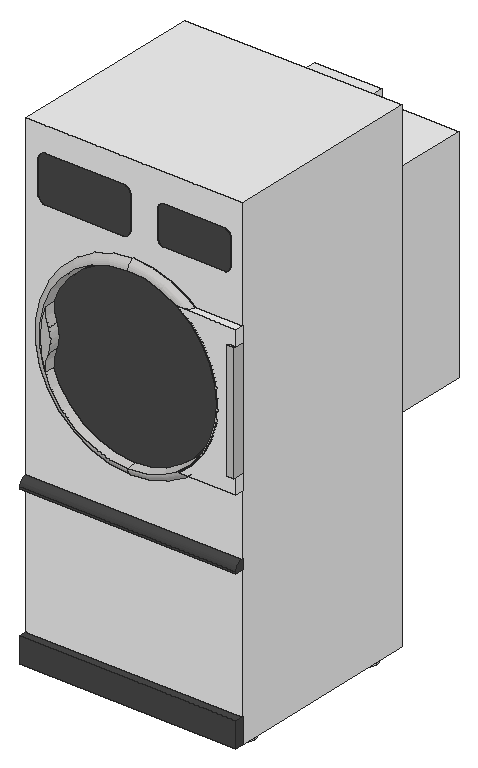
Revit family
Parameters (values of type "!!This family is not loaded correctly, check that you are not in the family editor and that the type catalog is available")
  Voltage Class = "-"
  Voltage = 120 V
  URL = "http://www.unimac.com/Products/prod_details.asp?Model=UT050N&ProdCat0=30&ProdCat1=0"
  Side Clearance = 0.000"
  Serial Plate Rating = "120V/60Hz/1ph"
  Right Hand Opening [instance] = yes
  Reversing = ""
  Required Make Up Air = 0.00 in²
  Rear Exhaust Diameter = 6"
  Rear Clearance = 21.699"
  RH Clearance [instance] = and(Visibility Clearance Space, Right Hand Opening)  # no
  Product Family = "UT"
  Overall Width = Total Width  # 28.000"
  Overall Height = Total Height  # 63.875"
  Overall Depth = Total Depth  # 40.875"
  OmniClass Title = "Commercial Laundry Equipment"
  OmniClass Number = "23.45.70.11.14"
  Number of Poles = 1
  Maximum Static Back Pressure = 0.00 in-wg
  Maximum Airflow = 750 CFM
  MasterFormat Section Title = "Centrifugal Material Dryers"
  MasterFormat Section Number = "42 32 13"
  Left Hand Opening [instance] = not(Right Hand Opening)  # no
  LH Clearance [instance] = and(Visibility Clearance Space, Left Hand Opening)  # no
  Heater = "N"
  Half F = F / 2  # 12.500"
  Gas Flow [instance] = 0 GPM
  Gas Connection = 1/2"
  Gas Burner Rating = 120000.0 Btu/h
  Finish = "White Baked Enamel"
  Fan Motor Power = 0 VA
  Dynamic Load Frequency = 0 Hz
  Dynamic Load = 0.00 kip
  Drive Motor Power = 0 VA
  Detail Material = Plastic - Black - Alliance Laundry
  Model = "!! Family not loaded correctly"
  D = 25.750"
  Cylinder Material = Metal - Steel - Stainless - Alliance Laundry
  Material = Metal - Steel - White Enamel - Alliance Laundry
  Manufacturer = "Alliance Laundry"
  Gas Connection Radius = Gas Connection / 2  # 1/4"
  G = 29.500"
  Frequency = 60 Hz
  Foot Radius = 2.000"
  Feet Positioning = 3.000"
  F = if(Cylinder Diameter < 45.000", Cylinder Diameter - 1.500", 41.500")  # 25.000"
  Exhaust Radius = Rear Exhaust Diameter / 2  # 3.000"
  Total Width = 28.000"
  Cylinder Radius = Cylinder Diameter / 2  # 13.250"
  Cylinder Diameter = 26.500"
  Description = "Commercial Tumble Dryers"
  Total Height = 63.875"
  Cylinder Depth = 24.000"
  Cylinder = "G"
  Control = "-"
  Visibility Clearance Space [instance] = no
  Circuit Breaker Size = 0 A
  Cylinder Capacity = "25"
  B Exhaust = 4.625"
  Total Depth = 40.875"
  B Gas = 4.625"
  B Electric = 63.500"
  Door Swing = 26.250"
  Assembly Code = "E1010610"
  Apparent Load = 0 VA
  Actual Amp Draw = 0 A
  A Gas = 3.875"
  A Exhaust = 3.875"
  A Electric = 9.500"
  Floor to Door = 27.500"
Reference planes (in)
  plane 1 "Center (Front/Back)": y = 6.5
  plane 2: z = 0
  plane 3 "Center (Left/Right)": x = 8.3125
  plane 4: z = 63.875
  plane 5: y = -13.9375
  plane 6 "Back": y = 26.9375
  plane 7: x = -5.6875
  plane 8: x = 22.3125
  plane 9: z = 27.5
  plane 10: x = -3.9375
  plane 11: z = 52.5
  plane 12: z = 40
  plane 13: z = 63.5
  plane 14: x = 12.8125
  plane 15: z = 70.35122
  plane 16 "Rear Clearance": y = 48.6365
  plane 17 "D": y = 11.8125
Forms (in)
  Extrusion 1, solid, material "Metal - Steel - White Enamel - Alliance Laundry" <- "Material", detail levels medium+fine
    sketch origin (0, 6.5, 0) x (1, 0, 0) y (0, 0, 1)
      loop
        line (-5.6875, 63.875) -> (-5.6875, 1) -> (22.3125, 1) -> (22.3125, 63.875) -> (-5.6875, 63.875)
    from -5.3125 to 20.4375
  Extrusion 2, solid, material "Metal - Steel - White Enamel - Alliance Laundry" <- "Material", detail levels fine
    sketch origin (0, 0, 0) x (1, 0, 0) y (0, 1, 0)
      loop
        circle (-2.875, 8.8125) r 2
      loop
        circle (19.5, 8.8125) r 2
      loop
        circle (19.5, -10.9375) r 2
      loop
        circle (-2.875, -10.9375) r 2
    from 0 to 1
  Extrusion 3, solid, material "Metal - Steel - White Enamel - Alliance Laundry" <- "Material", detail levels medium+fine
    sketch origin (0, 26.9375, -24) x (0, 0, -1) y (1, 0, 0)
      loop
        line (-76.508, 17.6225) -> (-76.508, -0.9975) -> (-55.424, -0.9975) -> (-47.983, 2.9295) -> (-47.983, 17.6225) -> (-76.508, 17.6225)
    from 0 to 15.125
  Revolve 4, solid, material "Metal - Steel - Stainless - Alliance Laundry" <- "Cylinder Material", detail levels medium+fine
    sketch origin (8.3125, 0, 0) x (0, 1, 0) y (0, 0, 1)
      loop
        line (-13.4375, 51.11177) -> (-13.4375, 40) -> (-12.6875, 40) -> (-12.6875, 52.5) -> (-13.9375, 52.5)
        arc (-13.9375, 52.5) -> (-14.64461, 52.20711) -> (-14.9375, 51.5) r 1
        line (-14.9375, 51.5) -> (-13.4375, 51.11177)
      axis (-14.9375, 40) -> (-12.6875, 40)
    angle from 0 to 360
  Extrusion 5, void
    sketch origin (0, -13.9375, -24) x (0, 0, -1) y (1, 0, 0)
      loop
        circle (-64, 8.3125) r 11.5
    from -1.25 to 1
  Extrusion 6, solid, material "Metal - Steel - White Enamel - Alliance Laundry" <- "Material", visible <- "Right Hand Opening", detail levels fine
    sketch origin (0, -13.9375, -24) x (0, 0, -1) y (1, 0, 0)
      loop
        arc (-73.60171, 14.64157) -> (-64, 19.8125) -> (-54.39829, 14.64157) r 11.5
        line (-54.39829, 14.64157) -> (-54.39829, 22.3125) -> (-56.39829, 22.3125) -> (-56.39829, 21.3125) -> (-71.60171, 21.3125) -> (-71.60171, 22.3125) -> (-73.60171, 22.3125) -> (-73.60171, 14.64157)
    from 0 to 1
  Extrusion 7, solid, material "Plastic - Black - Alliance Laundry" <- "Detail Material", detail levels fine
    sketch origin (8.3125, 0, 0) x (0, 1, 0) y (0, 0, 1)
      loop
        line (-13.9375, 21.25) -> (-13.9375, 22.5)
        arc (-13.9375, 22.5) -> (-14.64461, 22.20711) -> (-14.9375, 21.5) r 1
        line (-14.9375, 21.5) -> (-14.9375, 21.25) -> (-13.9375, 21.25)
      loop
        line (-13.9375, 1) -> (-13.9375, 4.20699) -> (-14.9375, 4.20699) -> (-14.9375, 1) -> (-13.9375, 1)
    from -14 to 14
  Extrusion 8, solid, material "Plastic - Black - Alliance Laundry" <- "Detail Material", detail levels medium+fine
    sketch origin (0, -13.9375, -24) x (0, 0, -1) y (1, 0, 0)
      loop
        circle (-64, 8.3125) r 11.11177
    from 0 to -5.40194
  Extrusion 9, void
    sketch origin (0, -13.9375, 0) x (-1, 0, 0) y (0, 0, 1)
      loop
        arc (-6.8658, 60.61789) -> (-7.57291, 60.32499) -> (-7.8658, 59.61789) r 1
        line (-7.8658, 59.61789) -> (-7.8658, 55.61789)
        arc (-7.8658, 55.61789) -> (-7.57291, 54.91078) -> (-6.8658, 54.61789) r 1
        line (-6.8658, 54.61789) -> (3.1342, 54.61789)
        arc (3.1342, 54.61789) -> (3.84131, 54.91078) -> (4.1342, 55.61789) r 1
        line (4.1342, 55.61789) -> (4.1342, 59.61789)
        arc (4.1342, 59.61789) -> (3.84131, 60.32499) -> (3.1342, 60.61789) r 1
        line (3.1342, 60.61789) -> (-6.8658, 60.61789)
      loop
        line (-12.16309, 60.11789) -> (-20.03534, 60.11789)
        arc (-20.03534, 60.11789) -> (-20.56567, 59.89822) -> (-20.78534, 59.36789) r 0.75
        line (-20.78534, 59.36789) -> (-20.78534, 55.86789)
        arc (-20.78534, 55.86789) -> (-20.56567, 55.33756) -> (-20.03534, 55.11789) r 0.75
        line (-20.03534, 55.11789) -> (-12.16309, 55.11789)
        arc (-12.16309, 55.11789) -> (-11.63276, 55.33756) -> (-11.41309, 55.86789) r 0.75
        line (-11.41309, 55.86789) -> (-11.41309, 59.36789)
        arc (-11.41309, 59.36789) -> (-11.63276, 59.89822) -> (-12.16309, 60.11789) r 0.75
    from 0 to 0.5
  Extrusion 10, void
    sketch origin (0, 11.8125, 0) x (1, 0, 0) y (0, 0, 1)
      loop
        circle (18.4375, 4.625) r 0.25
    from 0 to 2.8125
  Extrusion 11, solid, material "Metal - Steel - White Enamel - Alliance Laundry" <- "Material", detail levels medium+fine
    sketch origin (0, 11.8125, 0) x (-1, 0, 0) y (0, 0, 1)
      loop
        line (-17.1875, 62.508) -> (-17.1875, 52.508) -> (-8.4375, 52.508) -> (-8.4375, 62.508) -> (-17.1875, 62.508)
    from 0 to 3.26881
  Extrusion 12, void
    sketch origin (0, 11.8125, 0) x (1, 0, 0) y (0, 0, 1)
      loop
        circle (-1.8125, 4.625) r 3
    from 0 to 2.8125
  Extrusion 13, solid, material "Clearance", visible <- "RH Clearance"
    sketch origin (0, 0, 0) x (1, 0, 0) y (0, 1, 0)
      loop
        arc (-4.4375, -13.9375) -> (3.25095, -32.49905) -> (21.8125, -40.1875) r 26.25
        line (21.8125, -40.1875) -> (21.8125, -13.9375) -> (-4.4375, -13.9375)
    from 0 to 63.875
  Extrusion 14, solid, material "Metal - Steel - Stainless - Alliance Laundry" <- "Cylinder Material", visible <- "Right Hand Opening", detail levels fine
    sketch origin (0, -13.9375, 0) x (1, 0, 0) y (0, 0, 1)
      loop
        arc (-1.7556, 41.51117) -> (-2.0544, 42.62996) -> (-2.1347, 43.78517) r 6.0537
        arc (-2.1347, 43.78517) -> (-2.79927, 40) -> (-2.1347, 36.21483) r 11.11177
        arc (-2.1347, 36.21483) -> (-2.0544, 37.37004) -> (-1.7556, 38.48883) r 6.0537
        arc (-1.7556, 38.48883) -> (-1.49328, 40) -> (-1.7556, 41.51117) r 4.484
    from -5.40194 to 1.3125
  Extrusion 15, solid, material "Plastic - Black - Alliance Laundry" <- "Detail Material", detail levels fine
    sketch origin (0, -13.9375, 0) x (1, 0, 0) y (0, 0, 1)
      loop
        arc (6.8658, 54.61789) -> (7.57291, 54.91078) -> (7.8658, 55.61789) r 1
        line (7.8658, 55.61789) -> (7.8658, 59.61789)
        arc (7.8658, 59.61789) -> (7.57291, 60.32499) -> (6.8658, 60.61789) r 1
        line (6.8658, 60.61789) -> (-3.1342, 60.61789)
        arc (-3.1342, 60.61789) -> (-3.84131, 60.32499) -> (-4.1342, 59.61789) r 1
        line (-4.1342, 59.61789) -> (-4.1342, 55.61789)
        arc (-4.1342, 55.61789) -> (-3.84131, 54.91078) -> (-3.1342, 54.61789) r 1
        line (-3.1342, 54.61789) -> (6.8658, 54.61789)
      loop
        arc (20.03534, 55.11789) -> (20.56567, 55.33756) -> (20.78534, 55.86789) r 0.75
        line (20.78534, 55.86789) -> (20.78534, 59.36789)
        arc (20.78534, 59.36789) -> (20.56567, 59.89822) -> (20.03534, 60.11789) r 0.75
        line (20.03534, 60.11789) -> (12.16309, 60.11789)
        arc (12.16309, 60.11789) -> (11.63276, 59.89822) -> (11.41309, 59.36789) r 0.75
        line (11.41309, 59.36789) -> (11.41309, 55.86789)
        arc (11.41309, 55.86789) -> (11.63276, 55.33756) -> (12.16309, 55.11789) r 0.75
        line (12.16309, 55.11789) -> (20.03534, 55.11789)
    from -0.5 to 0
  Extrusion 16, solid, material "Metal - Steel - Stainless - Alliance Laundry" <- "Cylinder Material", visible <- "Right Hand Opening", detail levels fine
    sketch origin (0, -13.9375, 0) x (1, 0, 0) y (0, 0, 1)
      loop
        line (21.3125, 47.60171) -> (21.3125, 32.39829) -> (22.3125, 32.39829) -> (22.3125, 47.60171) -> (21.3125, 47.60171)
    from 0 to 1.3125
  Extrusion 17, solid, material "Metal - Steel - White Enamel - Alliance Laundry" <- "Material", detail levels coarse
    sketch origin (0, 6.5, 0) x (1, 0, 0) y (0, 0, 1)
      loop
        line (-5.6875, 63.875) -> (-5.6875, 0) -> (22.3125, 0) -> (22.3125, 63.875) -> (-5.6875, 63.875)
    from -20.4375 to 20.4375
  Extrusion 18, solid, material "Metal - Steel - White Enamel - Alliance Laundry" <- "Material", visible <- "Left Hand Opening", detail levels fine
    sketch origin (16.625, -13.9375, 112.5) x (0, 0, 1) y (-1, 0, 0)
      loop
        arc (-82.10171, 14.64157) -> (-72.5, 19.8125) -> (-62.89829, 14.64157) r 11.5
        line (-62.89829, 14.64157) -> (-62.89829, 22.3125) -> (-64.89829, 22.3125) -> (-64.89829, 21.3125) -> (-80.10171, 21.3125) -> (-80.10171, 22.3125) -> (-82.10171, 22.3125) -> (-82.10171, 14.64157)
    from 0 to 1
  Extrusion 19, solid, material "Metal - Steel - Stainless - Alliance Laundry" <- "Cylinder Material", visible <- "Left Hand Opening", detail levels fine
    sketch origin (13.07598, -13.9375, 88.68679) x (-1, 0, 0) y (0, 0, -1)
      loop
        arc (-5.30461, 47.13198) -> (-5.02039, 48.68679) -> (-5.30461, 50.2416) r 4.39488
        arc (-5.30461, 50.2416) -> (-5.59929, 51.33891) -> (-5.68371, 52.47196) r 6.05275
        arc (-5.68371, 52.47196) -> (-6.34829, 48.68679) -> (-5.68371, 44.90162) r 11.11177
        arc (-5.68371, 44.90162) -> (-5.59902, 46.03462) -> (-5.30461, 47.13198) r 6.06857
    from 0.47304 to 1.3125
  Extrusion 20, solid, material "Metal - Steel - Stainless - Alliance Laundry" <- "Cylinder Material", visible <- "Left Hand Opening", detail levels fine
    sketch origin (16.625, -13.9375, 88.5) x (-1, 0, 0) y (0, 0, -1)
      loop
        line (21.3125, 56.10171) -> (21.3125, 40.89829) -> (22.3125, 40.89829) -> (22.3125, 56.10171) -> (21.3125, 56.10171)
    from 0 to 1.3125
  Extrusion 21, solid, material "Clearance", visible <- "LH Clearance"
    sketch origin (16.625, 0, 0) x (-1, 0, 0) y (0, -1, 0)
      loop
        line (-4.4375, 13.9375) -> (21.8125, 13.9375) -> (21.8125, 40.1875)
        arc (21.8125, 40.1875) -> (3.25095, 32.49905) -> (-4.4375, 13.9375) r 26.25
    from 0 to 63.875
  Extrusion 22, solid, material "Plastic - Black - Alliance Laundry" <- "Detail Material", detail levels medium
    sketch origin (0, -13.9375, 0) x (1, 0, 0) y (0, 0, 1)
      loop
        line (-3.1342, 54.61789) -> (6.8658, 54.61789)
        arc (6.8658, 54.61789) -> (7.57291, 54.91078) -> (7.8658, 55.61789) r 1
        line (7.8658, 55.61789) -> (7.8658, 59.61789)
        arc (7.8658, 59.61789) -> (7.57291, 60.32499) -> (6.8658, 60.61789) r 1
        line (6.8658, 60.61789) -> (-3.1342, 60.61789)
        arc (-3.1342, 60.61789) -> (-3.84131, 60.32499) -> (-4.1342, 59.61789) r 1
        line (-4.1342, 59.61789) -> (-4.1342, 55.61789)
        arc (-4.1342, 55.61789) -> (-3.84131, 54.91078) -> (-3.1342, 54.61789) r 1
      loop
        line (12.16309, 55.11789) -> (20.03534, 55.11789)
        arc (20.03534, 55.11789) -> (20.56567, 55.33756) -> (20.78534, 55.86789) r 0.75
        line (20.78534, 55.86789) -> (20.78534, 59.36789)
        arc (20.78534, 59.36789) -> (20.56567, 59.89822) -> (20.03534, 60.11789) r 0.75
        line (20.03534, 60.11789) -> (12.16309, 60.11789)
        arc (12.16309, 60.11789) -> (11.63276, 59.89822) -> (11.41309, 59.36789) r 0.75
        line (11.41309, 59.36789) -> (11.41309, 55.86789)
        arc (11.41309, 55.86789) -> (11.63276, 55.33756) -> (12.16309, 55.11789) r 0.75
    from -0.5 to 0
  Extrusion 23, solid, material "Clearance", visible <- "Visibility Clearance Space"
    sketch origin (0, 26.9375, -24) x (0, 0, -1) y (1, 0, 0)
      loop
        line (-87.875, 22.3125) -> (-87.875, -5.6875) -> (-24, -5.6875) -> (-24, 22.3125) -> (-87.875, 22.3125)
    from 0 to -21.699
Cuts and joins
  Extrusion 5, Extrusion 9, Extrusion 10, Extrusion 12 cuts Extrusion 1
Lines and regions (in)
  Masking region 1, detail levels coarse
    outline origin (8.3125, 0, 0) x (0, 1, 0) y (0, 0, 1)
      loop
        line (-13.9375, 63.875) -> (-13.9375, 0) -> (26.9375, 0) -> (26.9375, 63.875) -> (-13.9375, 63.875)
  Masking region 2
    outline origin (0, 11.8125, 0) x (1, 0, 0) y (0, 0, 1)
      loop
        line (-5.6875, 63.875) -> (-5.6875, 0) -> (22.3125, 0) -> (22.3125, 63.875) -> (-5.6875, 63.875)
  Masking region 3, detail levels coarse
    outline origin (0, 0, 0) x (1, 0, 0) y (0, 1, 0)
      loop
        line (-5.6875, 26.9375) -> (-5.6875, -13.9375) -> (22.3125, -13.9375) -> (22.3125, 26.9375) -> (-5.6875, 26.9375)
  Masking region 4, detail levels medium+fine
    outline origin (8.3125, 0, 0) x (0, 1, 0) y (0, 0, 1)
      loop
        line (11.8125, 63.875) -> (-13.9375, 63.875) -> (-13.9375, 52.5)
        arc (-13.9375, 52.5) -> (-14.64461, 52.20711) -> (-14.9375, 51.5) r 1
        line (-14.9375, 51.5) -> (-14.9375, 28.5)
        arc (-14.9375, 28.5) -> (-14.64461, 27.79289) -> (-13.9375, 27.5) r 1
        line (-13.9375, 27.5) -> (-13.9375, 22.5)
        arc (-13.9375, 22.5) -> (-14.64461, 22.20711) -> (-14.9375, 21.5) r 1
        line (-14.9375, 21.5) -> (-14.9375, 21.25) -> (-13.9375, 21.25) -> (-13.9375, 4.20699) -> (-14.9375, 4.20699) -> (-14.9375, 1) -> (-13.125, 1) -> (-13.125, 0) -> (-9.125, 0) -> (-9.125, 1) -> (7, 1) -> (7, 0) -> (11, 0) -> (11, 1) -> (11.8125, 1) -> (11.8125, 23.983) -> (26.9375, 23.983) -> (26.9375, 52.508) -> (18.33131, 52.508) -> (18.33131, 56.85171) -> (11.8125, 56.85171) -> (11.8125, 63.875)
  Masking region 5, detail levels medium+fine
    outline origin (0, 0, 0) x (1, 0, 0) y (0, 1, 0)
      loop
        line (-0.9975, 26.9375) -> (-0.9975, 11.8125) -> (-5.6875, 11.8125) -> (-5.6875, -13.9375) -> (-3.9375, -13.9375)
        arc (-3.9375, -13.9375) -> (-3.64461, -14.64461) -> (-2.9375, -14.9375) r 1
        line (-2.9375, -14.9375) -> (20.5625, -14.9375)
        arc (20.5625, -14.9375) -> (21.26961, -14.64461) -> (21.5625, -13.9375) r 1
        line (21.5625, -13.9375) -> (22.3125, -13.9375) -> (22.3125, 11.8125) -> (17.6225, 11.8125) -> (17.6225, 26.9375) -> (-0.9975, 26.9375)
  Split face 1
    outline origin (0, -13.9375, 0) x (1, 0, 0) y (0, 0, 1)
      loop
        line (-0.87059, 58.80259) -> (-1, 58.31963) -> (-0.5, 58.31963)
        arc (-0.5, 58.31963) -> (-0.375, 58.24746) -> (-0.375, 58.10312) r 0.14434
        line (-0.375, 58.10312) -> (-0.63382, 57.13719)
        arc (-0.63382, 57.13719) -> (-0.59553, 56.92003) -> (-0.40456, 56.80978) r 0.26088
        arc (-0.40456, 56.80978) -> (-0.25475, 56.84183) -> (-0.14876, 56.95245) r 0.26088
        line (-0.14876, 56.95245) -> (0.00878, 56.95245) -> (0.00878, 56.85354) -> (0.97625, 56.85354) -> (0.82739, 56.44455) -> (1.9931, 56.44455) -> (2.33987, 57.73873) -> (2.62749, 56.85354) -> (2.98194, 56.85354) -> (3.13219, 57.41431) -> (3.39368, 56.85354) -> (4.22344, 56.85354) -> (4.35285, 57.3365) -> (3.60285, 57.3365) -> (3.22976, 58.48475) -> (2.91793, 57.4648) -> (2.48326, 58.80259) -> (1.90603, 56.91457) -> (1.23316, 56.91457) -> (1.363, 57.2713) -> (0.52747, 57.2713)
        arc (0.52747, 57.2713) -> (0.43036, 57.31152) -> (0.40761, 57.41413) r 0.11381
        line (0.40761, 57.41413) -> (0.77965, 58.80259) -> (0.5779, 58.80259) -> (0.15502, 57.22438)
        arc (0.15502, 57.22438) -> (-0.11027, 57.07122) -> (-0.26343, 57.3365) r 0.2166
        line (-0.26343, 57.3365) -> (0.12941, 58.80259) -> (-0.87059, 58.80259)
  Split face 2
    outline origin (0, -13.9375, 0) x (1, 0, 0) y (0, 0, 1)
      loop
        line (0.60428, 57.60122) -> (0.93929, 57.60122) -> (0.93929, 57.91848) -> (1.04832, 58.21804)
        arc (1.04832, 58.21804) -> (1.16852, 58.28196) -> (1.23244, 58.16175) r 0.09627
        line (1.23244, 58.16175) -> (1.09525, 57.78483) -> (1.09525, 57.60122) -> (1.32308, 57.60122) -> (1.50278, 58.27186)
        arc (1.50278, 58.27186) -> (1.44557, 58.46109) -> (1.25954, 58.3942) r 0.13631
        line (1.25954, 58.3942) -> (1.1863, 58.46744) -> (0.82547, 58.43587) -> (0.82547, 58.29953)
        arc (0.82547, 58.29953) -> (0.75516, 57.98101) -> (0.60428, 57.69181) r 1.24101
        line (0.60428, 57.69181) -> (0.60428, 57.60122)
  Split face 3
    outline origin (0, -13.9375, 0) x (1, 0, 0) y (0, 0, 1)
      loop
        line (1.46095, 57.58999) -> (1.83138, 57.58999) -> (1.89821, 57.77361) -> (1.84918, 57.82263) -> (2.08202, 58.46235) -> (1.73252, 58.46235) -> (1.68124, 58.32145)
        arc (1.68124, 58.32145) -> (1.7412, 58.27946) -> (1.74758, 58.20653) r 0.08661
        line (1.74758, 58.20653) -> (1.59001, 57.77361) -> (1.46095, 57.58999)
  Split face 4
    outline origin (0, -13.9375, 0) x (1, 0, 0) y (0, 0, 1)
      loop
        spline (1.79915, 58.64345) -> (1.81195, 58.62175) -> (1.83427, 58.60492) -> (1.8646, 58.59409) -> (1.90087, 58.59) -> (1.94061, 58.59293) -> (1.98111, 58.60269) -> (2.0196, 58.6186) -> (2.05347, 58.63958) -> (2.08041, 58.66421) -> (2.09859, 58.6908) -> (2.10675, 58.71754) -> (2.10435, 58.74261)
        spline (2.10435, 58.74261) -> (2.09156, 58.76431) -> (2.06923, 58.78114) -> (2.0389, 58.79197) -> (2.00263, 58.79606) -> (1.9629, 58.79313) -> (1.9224, 58.78337) -> (1.8839, 58.76746) -> (1.85003, 58.74648) -> (1.82309, 58.72185) -> (1.80492, 58.69526) -> (1.79675, 58.66852) -> (1.79915, 58.64345)
  Split face 5
    outline origin (0, -13.9375, 0) x (1, 0, 0) y (0, 0, 1)
      loop
        line (3.87846, 57.6925) -> (3.97927, 57.59169) -> (4.22927, 57.59169)
        arc (4.22927, 57.59169) -> (4.30528, 57.72261) -> (4.30491, 57.87399) r 0.2898
        line (4.30491, 57.87399) -> (4.43338, 58.29419)
        arc (4.43338, 58.29419) -> (4.3816, 58.41919) -> (4.2566, 58.47096) r 0.17678
        line (4.2566, 58.47096) -> (3.88833, 58.47096)
        arc (3.88833, 58.47096) -> (3.80825, 58.39088) -> (3.88833, 58.3108) r 0.08008
        arc (3.88833, 58.3108) -> (4.01163, 58.33441) -> (4.13493, 58.3108) r 0.33376
        arc (4.13493, 58.3108) -> (4.19703, 58.1871) -> (4.0814, 58.11103) r 0.10412
        arc (4.0814, 58.11103) -> (3.88502, 58.19216) -> (3.69859, 58.09022) r 0.24625
        arc (3.69859, 58.09022) -> (3.58617, 57.905) -> (3.62846, 57.6925) r 0.29882
        arc (3.62846, 57.6925) -> (3.75346, 57.62394) -> (3.87846, 57.6925) r 0.14823
  Split face 6
    outline origin (0, -13.9375, 0) x (1, 0, 0) y (0, 0, 1)
      loop
        spline (4.0392, 58.02536) -> (4.01833, 58.02919) -> (3.99582, 58.02504) -> (3.9732, 58.0132) -> (3.95201, 57.99447) -> (3.9337, 57.97014) -> (3.9195, 57.94185) -> (3.9104, 57.91154) -> (3.90701, 57.88127) -> (3.90956, 57.8531) -> (3.91788, 57.82896) -> (3.93139, 57.81049) -> (3.94919, 57.79895)
        spline (3.94919, 57.79895) -> (3.97006, 57.79512) -> (3.99257, 57.79927) -> (4.01519, 57.81111) -> (4.03638, 57.82984) -> (4.05469, 57.85418) -> (4.06889, 57.88246) -> (4.07799, 57.91277) -> (4.08138, 57.94304) -> (4.07883, 57.97121) -> (4.07052, 57.99535) -> (4.057, 58.01382) -> (4.0392, 58.02536)
  Split face 7
    outline origin (0, -13.9375, 0) x (1, 0, 0) y (0, 0, 1)
      loop
        spline (5.01051, 57.9346) -> (4.97583, 57.827) -> (4.92062, 57.76849) -> (4.85967, 57.7557) -> (4.80772, 57.78528) -> (4.77566, 57.85146) -> (4.7642, 57.94229) -> (4.77241, 58.04483) -> (4.79937, 58.14611) -> (4.84458, 58.23344) -> (4.90961, 58.29537) -> (4.9967, 58.32085) -> (5.10811, 58.29885)
        line (5.10811, 58.29885) -> (5.08272, 58.21582) -> (5.24504, 58.21582) -> (5.33415, 58.5073) -> (5.27429, 58.5073) -> (5.16576, 58.44464)
        spline (5.16576, 58.44464) -> (5.01829, 58.49185) -> (4.83923, 58.44599) -> (4.69951, 58.34442) -> (4.61607, 58.21313) -> (4.57045, 58.07062) -> (4.54602, 57.93436) -> (4.54991, 57.8129) -> (4.60265, 57.70976) -> (4.72463, 57.62863) -> (4.90665, 57.59521) -> (5.08698, 57.67427) -> (5.19846, 57.9346)
        line (5.19846, 57.9346) -> (5.01051, 57.9346)
  Split face 8
    outline origin (0, -13.9375, 0) x (1, 0, 0) y (0, 0, 1)
      loop
        spline (6.08635, 57.86431) -> (5.95006, 58.38195) -> (5.55046, 58.86431) -> (4.91478, 59.27852) -> (4.08635, 59.59636) -> (3.12163, 59.79616) -> (2.08635, 59.86431) -> (1.05108, 59.79616) -> (0.08635, 59.59636) -> (-0.74207, 59.27852) -> (-1.37775, 58.86431) -> (-1.77735, 58.38195) -> (-1.91365, 57.86431)
        spline (-1.91365, 57.86431) -> (-1.77735, 57.34667) -> (-1.37775, 56.86431) -> (-0.74207, 56.4501) -> (0.08635, 56.13226) -> (1.05108, 55.93246) -> (2.08635, 55.86431) -> (3.12163, 55.93246) -> (4.08635, 56.13226) -> (4.91478, 56.4501) -> (5.55046, 56.86431) -> (5.95006, 57.34667) -> (6.08635, 57.86431)
  reference lines
    curve 1: line (-2.875, 8.8125, 0) -> (19.5, 8.8125, 0)
    curve 2: line (-2.875, -10.9375, 0) -> (-2.875, 8.8125, 0)
    curve 3: line (19.5, -10.9375, 0) -> (-2.875, -10.9375, 0)
    curve 4: line (19.5, 8.8125, 0) -> (19.5, -10.9375, 0)
    curve 5: circle (8.3125, 26.9375, 40) r 35 normal (0, -1, 0)
  symbolic lines, detail levels medium+fine
    curve 6: circle (8.3125, -13.9375, 40) r 11.5 normal (0, -1, 0)
  symbolic lines, detail levels fine
    curve 7: line (-5.6875, -13.9375, 22.5) -> (22.3125, -13.9375, 22.5)
    curve 8: line (-5.6875, -13.9375, 21.25) -> (22.3125, -13.9375, 21.25)
    curve 9: line (-5.6875, -13.9375, 4.20699) -> (22.3125, -13.9375, 4.20699)
    curve 10: line (22.3125, -13.9375, 49.60171) -> (14.64157, -13.9375, 49.60171)
    curve 11: line (22.3125, -13.9375, 30.39829) -> (14.64157, -13.9375, 30.39829)
    curve 12: circle (-2.875, 8.8125, 0) r 2 normal (0, 0, 1)
    curve 13: circle (19.5, 8.8125, 0) r 2 normal (0, 0, 1)
    curve 14: circle (19.5, -10.9375, 0) r 2 normal (0, 0, 1)
    curve 15: circle (-2.875, -10.9375, 0) r 2 normal (0, 0, 1)
  model lines, detail levels medium
    curve 16: line (-5.6875, -13.9375, 21.25) -> (22.3125, -13.9375, 21.25)
Dimensions and locks (in)
  "Total Height": plane 4 to plane 2
  equal spacing: plane 5, plane 1 "Center (Front/Back)", plane 6 "Back"
  equal spacing: plane 7, plane 3 "Center (Left/Right)", plane 8
  "Total Depth": plane 5 to plane 6 "Back"
  "Total Width": plane 7 to plane 8
  locked: Extrusion 1 sketch curve to plane 2 at 1
  equal spacing: curve 2, plane 3 "Center (Left/Right)", curve 4
  "Feet Positioning": plane 5 to curve 3
  "Feet Positioning": curve 1 to Extrusion 1
  "Floor to Door": plane 9 to plane 2
  "Door Swing": plane 8 to plane 10
  equal spacing: plane 11, plane 12, plane 9
  equal spacing: Extrusion 6 sketch curve, plane 12, Extrusion 6 sketch curve
  locked: Extrusion 3 sketch curve to Extrusion 3 sketch curve at 18.62
  equal spacing: Extrusion 3 sketch curve, plane 3 "Center (Left/Right)", Extrusion 3 sketch curve
  locked: Extrusion 3 sketch curve to plane 2 at 23.983
  locked: Extrusion 3 sketch curve to Extrusion 3 sketch curve at 28.525
  locked: Extrusion 3 sketch curve to Extrusion 3 sketch curve at 14.693
  locked: Extrusion 3 sketch curve to Extrusion 3 sketch curve at 21.084
  "B Gas": Extrusion 10 sketch curve to plane 2
  "B Electric": plane 13 to plane 2
  equal spacing: Extrusion 11 sketch curve, plane 14, Extrusion 11 sketch curve
  "A Electric": plane 8 to plane 14
  "A Gas": plane 8 to Extrusion 10 sketch curve
  "A Exhaust": Extrusion 12 sketch curve to plane 7
  "B Exhaust": Extrusion 12 sketch curve to plane 2
  "Door Swing": Extrusion 13 sketch curve to Extrusion 13 sketch curve
  "Door Swing": Extrusion 13 sketch curve to cut or joined group of Extrusion 1, Extrusion 5, Extrusion 9, Extrusion 10, Extrusion 12
  Extrusion 18 sketch curve to Extrusion 18 sketch curve = 19.20342"
  "Door Swing": Extrusion 21 sketch curve to Extrusion 21 sketch curve
  "Door Swing": Extrusion 21 sketch curve to Extrusion 17
  "Rear Clearance": plane 16 "Rear Clearance" to plane 6 "Back"
  "Door Swing": Masking region 5 sketch curve to Masking region 5 sketch curve
  "D": plane 5 to plane 17 "D"
  "F": plane 11 to plane 9
  "Foot Radius": radius of Extrusion 2 sketch curve  (x4)
  "Gas Connection Radius": radius of Extrusion 10 sketch curve
  "Exhaust Radius": radius of Extrusion 12 sketch curve
  aligned and locked: plane 7 to Extrusion 1 sketch curve  (x2)
  aligned and locked: Extrusion 1 sketch curve to plane 4
  aligned and locked: Extrusion 1 sketch curve to plane 8
  aligned and locked: plane 5 to Extrusion 1
  aligned and locked: curve 2 to Extrusion 2 sketch curve
  aligned and locked: Extrusion 2 sketch curve to curve 2
  aligned and locked: curve 3 to Extrusion 2 sketch curve
  aligned and locked: Extrusion 2 sketch curve to curve 3
  aligned and locked: curve 4 to Extrusion 2 sketch curve
  aligned and locked: Extrusion 2 sketch curve to curve 4
  aligned and locked: curve 1 to Extrusion 2 sketch curve
  aligned and locked: Extrusion 2 sketch curve to curve 1
  aligned and locked: Extrusion 2 to plane 2
  aligned and locked: Extrusion 2 to Extrusion 1
  aligned and locked: Extrusion 3 to plane 6 "Back"
  aligned and locked: Extrusion 3 to Extrusion 1
  aligned and locked: plane 12 to curve 5
  aligned and locked: plane 3 "Center (Left/Right)" to curve 5
  aligned and locked: plane 12 to Revolve 4 sketch curve
  aligned and locked: Revolve 4 sketch curve to plane 11
  aligned and locked: plane 5 to Revolve 4 sketch curve
  aligned and locked: Revolve 4 sketch curve to plane 12
  aligned and locked: Extrusion 5 to Revolve 4  (x2)
  aligned and locked: Extrusion 6 sketch curve to plane 8
  aligned and locked: Extrusion 6 sketch curve to cut or joined group of Extrusion 1, Extrusion 5, Extrusion 9, Extrusion 10, Extrusion 12
  aligned and locked: plane 5 to Extrusion 7 sketch curve
  aligned and locked: plane 8 to Extrusion 7
  aligned and locked: Extrusion 7 to plane 7
  aligned and locked: Extrusion 8 sketch curve to Revolve 4
  aligned and locked: cut or joined group of Extrusion 1, Extrusion 5, Extrusion 9, Extrusion 10, Extrusion 12 to Extrusion 7 sketch curve
  aligned and locked: Extrusion 7 sketch curve to cut or joined group of Extrusion 1, Extrusion 5, Extrusion 9, Extrusion 10, Extrusion 12
  aligned and locked: Extrusion 7 sketch curve to Extrusion 7 sketch curve
  aligned and locked: Revolve 4 to Extrusion 9
  aligned and locked: plane 5 to Extrusion 9
  aligned and locked: Extrusion 11 to Extrusion 3
  aligned and locked: Extrusion 6 to plane 5
  aligned and locked: Extrusion 13 to plane 2
  aligned and locked: plane 4 to Extrusion 13
  aligned and locked: Extrusion 8 to Extrusion 14
  aligned and locked: Masking region 1 sketch curve to plane 4
  aligned and locked: plane 6 "Back" to Masking region 1 sketch curve
  aligned and locked: plane 2 to Masking region 1 sketch curve
  aligned and locked: Masking region 1 sketch curve to plane 5
  aligned and locked: plane 2 to Masking region 2 sketch curve
  aligned and locked: plane 7 to Masking region 2 sketch curve
  aligned and locked: Masking region 2 sketch curve to plane 8
  aligned and locked: Masking region 3 sketch curve to plane 8
  aligned and locked: plane 6 "Back" to Masking region 3 sketch curve
  aligned and locked: plane 7 to Masking region 3 sketch curve
  aligned and locked: Masking region 3 sketch curve to plane 5
  aligned and locked: Masking region 4 sketch curve to Extrusion 3  (x3)
  aligned and locked: plane 4 to Masking region 4 sketch curve
  aligned and locked: Masking region 4 sketch curve to cut or joined group of Extrusion 1, Extrusion 5, Extrusion 9, Extrusion 10, Extrusion 12  (x6)
  aligned and locked: Masking region 4 sketch curve to Masking region 4 sketch curve  (x3)
  aligned and locked: Masking region 4 sketch curve to Extrusion 7  (x5)
  aligned and locked: Masking region 4 sketch curve to Extrusion 6
  aligned and locked: Masking region 5 sketch curve to cut or joined group of Extrusion 1, Extrusion 5, Extrusion 9, Extrusion 10, Extrusion 12
  aligned and locked: cut or joined group of Extrusion 1, Extrusion 5, Extrusion 9, Extrusion 10, Extrusion 12 to Masking region 5 sketch curve
  aligned and locked: Masking region 5 sketch curve to Extrusion 3  (x2)
  aligned and locked: Masking region 5 sketch curve to Extrusion 13
  aligned and locked: Revolve 4 to Extrusion 15
  aligned and locked: plane 5 to Extrusion 15
  aligned and locked: Extrusion 16 sketch curve to Extrusion 6  (x3)
  aligned and locked: cut or joined group of Extrusion 1, Extrusion 5, Extrusion 9, Extrusion 10, Extrusion 12 to Extrusion 16 sketch curve
  aligned and locked: curve 6 to Extrusion 6
  aligned and locked: curve 8 to Extrusion 7
  aligned and locked: Extrusion 7 to curve 7
  aligned and locked: curve 9 to Extrusion 7
  aligned and locked: Extrusion 6 to curve 10
  aligned and locked: curve 10 to Extrusion 6
  aligned and locked: curve 11 to Extrusion 6  (x2)
  aligned and locked: plane 7 to Extrusion 17 sketch curve
  aligned and locked: Extrusion 17 sketch curve to plane 8
  aligned and locked: plane 2 to Extrusion 17 sketch curve
  aligned and locked: Extrusion 17 sketch curve to plane 4
  aligned and locked: plane 5 to Extrusion 17
  aligned and locked: Extrusion 17 to plane 6 "Back"
  aligned and locked: curve 2 to curve 12
  aligned and locked: curve 15 to curve 2
  aligned and locked: curve 3 to curve 15
  aligned and locked: curve 14 to curve 3
  aligned and locked: curve 4 to curve 14
  aligned and locked: curve 13 to curve 4
  aligned and locked: curve 1 to curve 13
  aligned and locked: curve 12 to curve 1
  aligned and locked: Masking region 5 sketch curve to Revolve 4
  aligned and locked: Extrusion 20 sketch curve to Extrusion 18  (x3)
  aligned and locked: Revolve 4 to Extrusion 22
  aligned and locked: plane 5 to Extrusion 22
  aligned and locked: Extrusion 18 sketch curve to cut or joined group of Extrusion 1, Extrusion 5, Extrusion 9, Extrusion 10, Extrusion 12
  aligned and locked: Extrusion 14 sketch curve to Extrusion 8
  aligned and locked: Extrusion 19 sketch curve to Extrusion 8
  aligned and locked: plane 4 to Extrusion 21
  aligned and locked: Extrusion 3 to Extrusion 11 sketch curve
  aligned and locked: Extrusion 23 sketch curve to plane 7
  aligned and locked: plane 8 to Extrusion 23 sketch curve
  aligned and locked: plane 4 to Extrusion 23 sketch curve
  aligned and locked: plane 16 "Rear Clearance" to Extrusion 23
  aligned and locked: Masking region 5 sketch curve to plane 6 "Back"
  aligned and locked: Extrusion 5 sketch curve to Revolve 4
  aligned and locked: plane 5 to Extrusion 8
Automatic sketch dimensions
  Extrusion 6 sketch curve to plane 8 = 0.000"
  Extrusion 6 sketch curve to plane 11 = 4.89829"
  Extrusion 6 sketch curve to plane 11 = 2.89829"
  Extrusion 6 sketch curve to Extrusion 6 sketch curve = 2.000"
  Extrusion 6 sketch curve to plane 8 = 1.000"
  Extrusion 7 sketch curve to Extrusion 7 sketch curve = 1.000"
  Extrusion 7 sketch curve to Extrusion 7 sketch curve = 3.20699"
  Extrusion 7 sketch curve to plane 9 = 6.250"
  Extrusion 7 sketch curve to Extrusion 7 sketch curve = 0.250"
  Masking region 2 sketch curve to Extrusion 1 = 0.000"
  Masking region 4 sketch curve to level = 0.000"  (x2)
  Masking region 4 sketch curve to plane 9 = 0.000"
  Masking region 4 sketch curve to plane 11 = 0.000"
  Masking region 4 sketch curve to plane 5 = 0.8125"
  Masking region 4 sketch curve to Masking region 4 sketch curve = 4.000"
  Masking region 4 sketch curve to Masking region 4 sketch curve = 4.8125"
  Masking region 4 sketch curve to Masking region 4 sketch curve = 0.8125"
  plane 6 "Back" to Masking region 4 sketch curve = 8.60619"
  Masking region 4 sketch curve to Masking region 4 sketch curve = 1.000"
  plane 11 to Masking region 4 sketch curve = 4.35171"
  Extrusion 20 sketch curve to Extrusion 1 = 0.000"
  Split face 1 sketch curve to Split face 1 sketch curve = 0.000"  (x3)
  Split face 1 sketch curve to Extrusion 15 = 3.1342"
  Split face 1 sketch curve to Split face 1 sketch curve = 0.12941"  (x2)
  Split face 1 sketch curve to Split face 1 sketch curve = 0.36618"
  Split face 1 sketch curve to Split face 1 sketch curve = 0.500"
  Split face 1 sketch curve to Split face 1 sketch curve = 0.22926"
  Split face 1 sketch curve to Split face 1 sketch curve = 0.25199"
  Split face 1 sketch curve to Split face 1 sketch curve = 0.125"
  Split face 1 sketch curve to Split face 1 sketch curve = 0.1184"
  Split face 1 sketch curve to Split face 1 sketch curve = 0.23307"
  Split face 1 sketch curve to Split face 1 sketch curve = 0.20922"  (x2)
  Split face 1 sketch curve to Split face 1 sketch curve = 0.15753"
  Split face 1 sketch curve to Split face 1 sketch curve = 0.62941"
  Split face 1 sketch curve to Split face 1 sketch curve = 0.25259"
  Split face 1 sketch curve to Split face 1 sketch curve = 0.10993"
  Split face 1 sketch curve to Split face 1 sketch curve = 0.00992"
  Split face 1 sketch curve to Extrusion 15 = 1.3153"  (x2)
  Split face 1 sketch curve to Split face 1 sketch curve = 0.44849"
  Split face 1 sketch curve to Split face 1 sketch curve = 0.20175"
  Split face 1 sketch curve to Extrusion 15 = 1.32666"
  Split face 1 sketch curve to Split face 1 sketch curve = 0.29992"
  Split face 1 sketch curve to Split face 1 sketch curve = 0.14886"
  Split face 1 sketch curve to Split face 1 sketch curve = 0.25692"
  Split face 1 sketch curve to Extrusion 15 = 2.15341"
  Split face 1 sketch curve to Split face 1 sketch curve = 0.12984"
  Split face 1 sketch curve to Extrusion 15 = 1.79668"
  Split face 1 sketch curve to Split face 1 sketch curve = 0.54303"
  Split face 1 sketch curve to Split face 1 sketch curve = 0.08706"
  Split face 1 sketch curve to Extrusion 15 = 2.62084"
  Split face 1 sketch curve to Split face 1 sketch curve = 0.43384"
  Split face 1 sketch curve to Split face 1 sketch curve = 0.14339"
  Split face 1 sketch curve to Split face 1 sketch curve = 0.72145"
  Split face 1 sketch curve to Extrusion 15 = 2.34692"
  Split face 1 sketch curve to Split face 1 sketch curve = 0.57806"
  Split face 1 sketch curve to Extrusion 15 = 1.73565"  (x2)
  Split face 1 sketch curve to Split face 1 sketch curve = 0.35445"
  Split face 1 sketch curve to Extrusion 15 = 2.29642"
  Split face 1 sketch curve to Split face 1 sketch curve = 0.21426"
  Split face 1 sketch curve to Extrusion 15 = 1.63314"
  Split face 1 sketch curve to Split face 1 sketch curve = 0.7465"
  Split face 1 sketch curve to Split face 1 sketch curve = 0.41175"
  Split face 1 sketch curve to Extrusion 15 = 2.21861"
  Split face 1 sketch curve to Split face 1 sketch curve = 0.47066"
  Split face 1 sketch curve to Split face 1 sketch curve = 0.62059"
  Split face 1 sketch curve to Split face 1 sketch curve = 0.46152"
  Split face 1 sketch curve to Split face 1 sketch curve = 0.06103"
  Split face 1 sketch curve to Split face 1 sketch curve = 0.09891"
  Split face 1 sketch curve to Split face 1 sketch curve = 0.27193"
  Split face 1 sketch curve to Split face 1 sketch curve = 0.05606"
  Split face 1 sketch curve to Split face 1 sketch curve = 0.11338"
  Split face 1 sketch curve to Split face 1 sketch curve = 0.76662"
  Split face 1 sketch curve to Split face 1 sketch curve = 0.07217"
  Split face 2 sketch curve to Extrusion 15 = 1.71243"
  Split face 2 sketch curve to Extrusion 15 = 3.72319"
  Split face 2 sketch curve to Split face 2 sketch curve = 1.01528"
  Split face 2 sketch curve to Split face 2 sketch curve = 0.22119"
  Split face 2 sketch curve to Split face 2 sketch curve = 0.33501"
  Split face 2 sketch curve to Extrusion 15 = 1.89985"
  Split face 2 sketch curve to Split face 2 sketch curve = 0.22285"
  Split face 2 sketch curve to Extrusion 15 = 2.33305"
  Split face 2 sketch curve to Split face 2 sketch curve = 0.15596"
  Split face 2 sketch curve to Split face 2 sketch curve = 0.09206"  (x2)
  Split face 2 sketch curve to Extrusion 15 = 1.65045"
  Split face 2 sketch curve to Split face 2 sketch curve = 0.04592"
  Split face 2 sketch curve to Extrusion 15 = 1.95614"
  Split face 2 sketch curve to Extrusion 15 = 1.72369"
  Split face 2 sketch curve to Split face 2 sketch curve = 0.07324"
  Split face 2 sketch curve to Split face 2 sketch curve = 0.22783"
  Split face 2 sketch curve to Split face 2 sketch curve = 0.12478"
  Split face 2 sketch curve to Split face 2 sketch curve = 0.11846"
  Split face 2 sketch curve to Split face 2 sketch curve = 0.09303"
  Split face 2 sketch curve to Split face 2 sketch curve = 0.18362"  (x2)
  Split face 2 sketch curve to Split face 2 sketch curve = 0.13364"
  Split face 2 sketch curve to Split face 2 sketch curve = 0.12234"
  Split face 2 sketch curve to Split face 2 sketch curve = 0.13634"
  Split face 3 sketch curve to Extrusion 15 = 2.4721"
  Split face 3 sketch curve to Extrusion 15 = 5.59514"
  Split face 3 sketch curve to Extrusion 15 = 2.65572"  (x2)
  Split face 3 sketch curve to Split face 3 sketch curve = 0.12907"
  Split face 3 sketch curve to Split face 3 sketch curve = 0.07619"
  Split face 3 sketch curve to Split face 3 sketch curve = 0.01504"
  Split face 3 sketch curve to Split face 3 sketch curve = 0.05129"
  Split face 3 sketch curve to Split face 3 sketch curve = 0.08139"
  Split face 3 sketch curve to Split face 3 sketch curve = 0.24137"
  Split face 3 sketch curve to Extrusion 15 = 2.29525"
  Split face 3 sketch curve to Split face 3 sketch curve = 0.0178"
  Split face 3 sketch curve to Split face 3 sketch curve = 0.04903"
  Split face 3 sketch curve to Split face 3 sketch curve = 0.3495"
  Split face 3 sketch curve to Split face 3 sketch curve = 0.3839"
  Split face 3 sketch curve to Split face 3 sketch curve = 0.02962"
  Split face 3 sketch curve to Split face 3 sketch curve = 0.25582"
  Split face 4 sketch curve to Extrusion 15 = 1.47444"
  Split face 4 sketch curve to Extrusion 15 = 5.93335"
  Split face 4 sketch curve to Split face 4 sketch curve = 0.1526"
  Split face 5 sketch curve to Extrusion 15 = 2.42538"  (x2)
  Split face 5 sketch curve to Extrusion 15 = 7.76266"
  Split face 5 sketch curve to Split face 5 sketch curve = 0.000"  (x2)
  Split face 5 sketch curve to Split face 5 sketch curve = 0.07013"
  Split face 5 sketch curve to Split face 5 sketch curve = 0.125"
  Split face 5 sketch curve to Split face 5 sketch curve = 0.12698"
  Split face 5 sketch curve to Split face 5 sketch curve = 0.18974"
  Split face 5 sketch curve to Split face 5 sketch curve = 0.01794"
  Split face 5 sketch curve to Split face 5 sketch curve = 0.10081"
  Split face 5 sketch curve to Split face 5 sketch curve = 0.11324"
  Split face 5 sketch curve to Split face 5 sketch curve = 0.14491"
  Split face 5 sketch curve to Split face 5 sketch curve = 0.06977"
  Split face 5 sketch curve to Split face 5 sketch curve = 0.01507"
  Split face 5 sketch curve to Split face 5 sketch curve = 0.03846"
  Split face 5 sketch curve to Split face 5 sketch curve = 0.250"
  Split face 5 sketch curve to Split face 5 sketch curve = 0.12168"
  Split face 5 sketch curve to Extrusion 15 = 2.2439"
  Split face 5 sketch curve to Split face 5 sketch curve = 0.27956"
  Split face 5 sketch curve to Split face 5 sketch curve = 0.17678"
  Split face 5 sketch curve to Split face 5 sketch curve = 0.28229"
  Split face 5 sketch curve to Split face 5 sketch curve = 0.07967"
  Split face 5 sketch curve to Split face 5 sketch curve = 0.09316"
  Split face 5 sketch curve to Split face 5 sketch curve = 0.05437"
  Split face 5 sketch curve to Split face 5 sketch curve = 0.01661"
  Split face 6 sketch curve to Extrusion 15 = 2.20573"
  Split face 6 sketch curve to Extrusion 15 = 8.12839"
  Split face 6 sketch curve to Split face 6 sketch curve = 0.045"
  Split face 7 sketch curve to Extrusion 15 = 2.18329"
  Split face 5 to Split face 7 sketch curve = 0.57713"
  Split face 7 sketch curve to Extrusion 15 = 1.90206"
  Split face 7 sketch curve to Split face 7 sketch curve = 0.07222"
  Split face 7 sketch curve to Extrusion 15 = 1.81904"
  Split face 7 sketch curve to Split face 7 sketch curve = 0.02538"
  Split face 7 sketch curve to Extrusion 15 = 1.67325"
  Split face 7 sketch curve to Split face 7 sketch curve = 0.05766"
  Split face 7 sketch curve to Split face 7 sketch curve = 0.18795"
  Split face 7 sketch curve to Split face 7 sketch curve = 0.13693"
  Split face 7 sketch curve to Extrusion 15 = 1.61059"
  Split face 7 sketch curve to Split face 7 sketch curve = 0.10852"
  Split face 7 sketch curve to Split face 7 sketch curve = 0.05986"
  Split face 8 sketch curve to Extrusion 15 = 2.22055"
  Split face 8 sketch curve to Split face 8 sketch curve = 4.000"
  Split face 8 sketch curve to Extrusion 15 = 2.74642"
  curve 7 to Extrusion 1 = 0.000"  (x2)
  curve 9 to Extrusion 1 = 0.000"  (x2)
  curve 8 to Extrusion 1 = 0.000"
  curve 16 to Extrusion 1 = 0.000"
  plane 7 to curve 3 = 2.8125"
  Extrusion 13 to Extrusion 13 = 0.000"
  Extrusion 22 sketch curve to Extrusion 1 = 1.5533"
  Extrusion 22 sketch curve to Extrusion 22 sketch curve = 1.000"  (x3)
  Extrusion 22 sketch curve to Extrusion 1 = 3.25711"
  Extrusion 22 sketch curve to Extrusion 1 = 15.4467"
  Extrusion 22 sketch curve to Extrusion 22 sketch curve = 0.000"
  Extrusion 22 sketch curve to Extrusion 17 = 10.89941"
  Extrusion 22 sketch curve to Extrusion 22 sketch curve = 0.750"  (x2)
  Extrusion 22 sketch curve to Extrusion 1 = 2.27716"  (x2)
  Extrusion 22 sketch curve to Extrusion 17 = 1.52716"
  Extrusion 22 sketch curve to Extrusion 15 = 1.000"
  Extrusion 22 sketch curve to Extrusion 22 sketch curve = 3.500"
  Extrusion 22 sketch curve to Extrusion 22 sketch curve = 4.000"
  Extrusion 15 sketch curve to Extrusion 1 = 1.5533"
  Extrusion 15 sketch curve to Extrusion 15 sketch curve = 1.000"  (x3)
  Extrusion 15 sketch curve to Extrusion 1 = 9.25711"
  Extrusion 15 sketch curve to Extrusion 1 = 15.4467"
  Extrusion 15 sketch curve to Extrusion 15 sketch curve = 0.000"
  Extrusion 15 sketch curve to Extrusion 15 sketch curve = 3.54729"
  Extrusion 15 sketch curve to Extrusion 15 sketch curve = 0.750"  (x3)
  Extrusion 15 sketch curve to Extrusion 1 = 2.27716"  (x2)
  Extrusion 15 sketch curve to Extrusion 1 = 8.75711"
  Extrusion 15 sketch curve to Extrusion 15 sketch curve = 3.500"
  Extrusion 15 sketch curve to Extrusion 15 sketch curve = 0.250"
  Extrusion 13 sketch curve to Extrusion 17 = 0.500"
  Extrusion 21 sketch curve to Extrusion 17 = 0.500"
  Extrusion 18 sketch curve to plane 7 = 0.000"  (x2)
  plane 9 to Extrusion 18 sketch curve = 4.89829"
  Extrusion 18 sketch curve to Extrusion 18 sketch curve = 2.000"  (x2)
  plane 7 to Extrusion 18 sketch curve = 1.000"
  Extrusion 18 sketch curve to plane 11 = 4.89829"
  Extrusion 14 sketch curve to Revolve 4 = 1.05069"
  Extrusion 14 sketch curve to Extrusion 8 = 0.66457"
  Extrusion 14 sketch curve to Revolve 4 = 1.0528"
  Extrusion 14 sketch curve to Extrusion 14 sketch curve = 0.3791"  (x2)
  Extrusion 14 sketch curve to Extrusion 14 sketch curve = 6.0537"  (x2)
  Extrusion 14 sketch curve to Extrusion 14 sketch curve = 0.15973"  (x2)
  Extrusion 19 sketch curve to Extrusion 19 sketch curve = 0.3791"  (x2)
  Extrusion 19 sketch curve to Extrusion 19 sketch curve = 4.11066"
  Extrusion 19 sketch curve to plane 12 = 3.66908"
  Extrusion 19 sketch curve to plane 12 = 1.55481"
  Extrusion 19 sketch curve to Extrusion 19 sketch curve = 0.66332"
  Extrusion 19 sketch curve to Extrusion 19 sketch curve = 5.38827"
  Extrusion 19 sketch curve to Extrusion 19 sketch curve = 1.55481"
  Extrusion 8 to Extrusion 19 sketch curve = 3.06698"
  Extrusion 11 sketch curve to Extrusion 1 = 5.125"
  Extrusion 11 sketch curve to Extrusion 1 = 1.367"
  Extrusion 23 sketch curve to level = 0.000"
  Masking region 5 sketch curve to plane 10 = 0.000"
  Masking region 5 sketch curve to plane 5 = 0.000"
  Masking region 5 sketch curve to plane 17 "D" = 0.000"
  curve 2 to plane 17 "D" = 3.000"
  Masking region 5 sketch curve to Masking region 5 sketch curve = 1.750"
  Extrusion 9 sketch curve to Extrusion 9 sketch curve = 0.750"  (x4)
  Extrusion 9 sketch curve to Extrusion 9 sketch curve = 1.000"  (x4)
  Extrusion 1 to Extrusion 9 sketch curve = 1.52716"
  Extrusion 1 to Extrusion 9 sketch curve = 3.75711"
  Extrusion 9 sketch curve to Extrusion 9 sketch curve = 7.87225"
  Extrusion 9 sketch curve to Extrusion 9 sketch curve = 3.54729"
  Extrusion 1 to Extrusion 9 sketch curve = 2.5533"
  Extrusion 9 sketch curve to Extrusion 9 sketch curve = 3.500"
  Extrusion 9 sketch curve to Extrusion 9 sketch curve = 0.250"  (x2)
  plane 5 to Revolve 4 sketch curve = 1.000"
  plane 5 to Revolve 4 sketch curve = 5.55111"
  Revolve 4 sketch curve to plane 5 = 0.500"
  Revolve 4 sketch curve to Revolve 4 sketch curve = 0.750"
  Revolve 4 sketch curve to Revolve 4 sketch curve = 5.19889"
  Revolve 4 sketch curve to Revolve 4 sketch curve = 0.38823"
  radius of curve 12 = 2.000"
  radius of curve 13 = 2.000"
  radius of curve 14 = 2.000"
  radius of curve 15 = 2.000"
  radius of curve 5 = 35.000"
Connectors (in)
  electrical at (12.8125, 15.08131, 57.508), driven by "Apparent Load", driven by "Voltage", driven by "Number of Poles", driven by "Serial Plate Rating"
    settings: on Extrusion 11, index 1
  hvac at (-1.8125, 11.8125, 4.625), driven by "Exhaust Radius"
    settings: on cut or joined group of Extrusion 1, Extrusion 5, Extrusion 9, Extrusion 10, Extrusion 12, index 2
  piping at (8.3125, 11.8125, 32.4375), driven by "Gas Flow", driven by "Gas Connection Radius"
    settings: on cut or joined group of Extrusion 1, Extrusion 5, Extrusion 9, Extrusion 10, Extrusion 12, index 3
